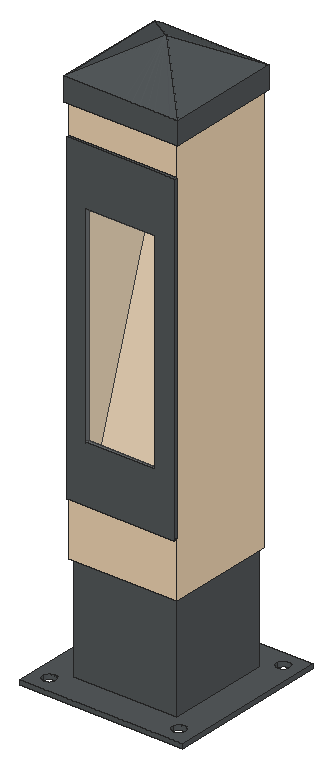
Revit family "Баум", category Осветительные приборы, Revit 2019 (continued)
Parameters (values of type "ДТУ961 Светодиодный светильник Баум ДТУ-96-AF-4Вт-0,6")
    .4 29.7 21.7 11.2 2.9 0.4 0.4 0.4 0.4 0.4 0.4 0.4 0.4 0.4 0.4 0.4\r\n 0.4 0.4 0.4 0.4 0.4 0.4 0.4 0.4 0.4 0.4 0.4 0.4 0.4 0.4 0.4 0.4 0.4 0.4 0.4 0.4 0.4 0.4 0.4 0.4 0.4 0.4 0.4 0.4 0.4 0.4 0.4 0.4\r\n 0.4 0.4 0.4 0.4 0.4 0.4 0.4 0.4 0.4 0.4 0.4 0.4 0.4 0.4 0.4 0.4 0.4 0.4 0.4 0.4 0.4 0.4 0.4 0.4 0.4 0.4 0.4 0.4 0.4 0.4 0.4 0.4\r\n 0.4 0.4 0.4 0.4 0.4 0.4 0.4 0.4 0.4 0.2 0.2 0.2 0.0 0.0 0.0 0.0 0.0 0.0 0.0\r\n0.0 0.0 0.4 0.4 0.4 0.2 0.2 0.4 0.4 0.6 0.6 0.4 0.4 0.4 0.4 0.4 0.4 0.6 1.5 13.4 48.1 130.1 186.1 238.2 274.7 302.8 337.9 366.5\r\n 397.9 425.2 464.1 503.4 554.2 570.4 570.6 566.2 563.2 559.4 554.6 551.1 545.0 543.0 538.4 533.1 531.3 522.1 524.7 517.9 512.0\r\n 505.2 497.5 492.2 486.9 482.1 472.0 463.8 455.1 446.1 436.8 429.3 420.3 408.9 399.3 388.5 381.4 370.1 355.1 332.0 298.6 262.4\r\n 230.1 208.6 187.0 168.3 155.1 133.6 120.6 106.6 92.1 78.7 68.8 54.5 42.6 32.3 22.4 9.7 1.8 0.4 0.4 0.4 0.4 0.4 0.4 0.4 0.4 0.4\r\n 0.4 0.4 0.4 0.4 0.4 0.4 0.4 0.4 0.4 0.4 0.4 0.4 0.4 0.4 0.4 0.4 0.4 0.4 0.4 0.4 0.4 0.4 0.4 0.4 0.4 0.4 0.4 0.4 0.4 0.4 0.4 0.4\r\n 0.4 0.4 0.4 0.4 0.4 0.4 0.4 0.4 0.4 0.4 0.4 0.4 0.4 0.4 0.4 0.4 0.4 0.4 0.4 0.4 0.4 0.4 0.4 0.4 0.4 0.4 0.4 0.4 0.4 0.4 0.4 0.4\r\n 0.4 0.4 0.4 0.4 0.4 0.4 0.4 0.4 0.4 0.4 0.4 0.2 0.2 0.2 0.0 0.0 0.0 0.0 0.0 0.0 0.0\r\n0.0 0.0 0.4 0.4 0.4 0.2 0.2 0.4 0.4 0.6 0.6 0.4 0.4 0.4 0.4 0.4 0.4 1.5 11.2 58.4 134.9 213.2 265.2 303.0 338.0 368.3 407.6 450.0\r\n 488.9 523.4 579.0 604.3 619.2 619.7 615.1 605.0 607.1 603.2 600.5 601.8 598.4 595.0 588.9 583.2 579.4 580.1 572.6 569.6 562.7\r\n 554.4 552.6 543.4 536.2 526.0 517.0 512.2 501.9 492.0 483.6 472.2 461.0 451.3 441.9 430.9 418.2 399.5 374.0 330.7 283.4 250.7\r\n 233.6 208.6 193.4 174.7 157.5 142.1 128.5 111.4 95.6 83.5 64.6 49.7 37.8 29.4 17.8 4.8 0.4 0.4 0.4 0.4 0.4 0.4 0.4 0.4 0.4 0.4\r\n 0.4 0.4 0.4 0.4 0.4 0.4 0.4 0.4 0.4 0.4 0.4 0.4 0.4 0.4 0.4 0.4 0.4 0.4 0.4 0.4 0.4 0.4 0.4 0.4 0.4 0.4 0.4 0.4 0.4 0.4 0.4 0.4\r\n 0.4 0.4 0.4 0.4 0.4 0.4 0.4 0.4 0.4 0.4 0.4 0.4 0.4 0.4 0.4 0.4 0.4 0.4 0.4 0.4 0.4 0.4 0.4 0.4 0.4 0.4 0.4 0.4 0.4 0.4 0.4 0.4\r\n 0.4 0.4 0.4 0.4 0.4 0.4 0.4 0.4 0.4 0.4 0.4 0.2 0.2 0.2 0.0 0.0 0.0 0.0 0.0 0.0 0.0\r\n0.0 0.0 0.4 0.4 0.4 0.2 0.2 0.4 0.4 0.6 0.6 0.4 0.4 0.4 0.4 0.4 0.9 9.5 50.5 143.1 226.8 280.2 316.9 352.5 385.9 428.5 480.6 531.8\r\n 591.7 644.9 678.5 676.4 679.6 678.6 675.3 682.1 681.8 673.7 670.6 669.1 662.5 660.7 655.0 649.7 642.3 637.5 626.3 620.1 614.0\r\n 608.9 604.9 594.2 584.5 576.8 568.7 558.5 547.3 539.5 531.1 518.1 507.4 495.0 480.6 467.6 446.0 412.4 367.6 319.3 289.0 265.4\r\n 243.3 224.6 208.8 187.6 170.9 159.5 140.2 124.6 109.8 91.8 69.2 56.0 41.3 30.3 16.1 2.0 0.6 0.4 0.4 0.4 0.4 0.4 0.4 0.4 0.4 0.4\r\n 0.4 0.4 0.4 0.4 0.4 0.4 0.4 0.4 0.4 0.4 0.4 0.4 0.4 0.4 0.4 0.4 0.4 0.4 0.4 0.4 0.4 0.4 0.4 0.4 0.4 0.4 0.4 0.4 0.4 0.4 0.4 0.4\r\n 0.4 0.4 0.4 0.4 0.4 0.4 0.4 0.4 0.4 0.4 0.4 0.4 0.4 0.4 0.4 0.4 0.4 0.4 0.4 0.4 0.4 0.4 0.4 0.4 0.4 0.4 0.4 0.4 0.4 0.4 0.4 0.4\r\n 0.4 0.4 0.4 0.4 0.4 0.4 0.4 0.4 0.4 0.4 0.4 0.2 0.2 0.2 0.0 0.0 0.0 0.0 0.0 0.0 0.0\r\n0.0 0.0 0.6 0.4 0.4 0.2 0.2 0.4 0.4 0.6 0.6 0.6 0.4 0.4 0.4 0.6 5.7 38.9 123.3 218.2 287.9 337.7 372.2 412.7 466.0 519.5 579.2\r\n 645.2 717.0 731.7 742.7 743.1 741.6 738.7 733.2 735.9 726.4 726.7 721.8 711.9 704.5 694.4 691.5 688.7 688.0 675.3 670.2 659.0\r\n 653.5 649.1 636.3 629.6 625.2 614.0 607.6 597.5 590.0 577.0 564.9 553.3 541.2 527.3 511.3 484.5 445.2 396.8 350.5 323.5 299.7\r\n 272.7 253.6 238.0 215.8 195.6 182.6 164.8 142.4 127.2 110.5 90.1 69.6 54.0 39.8 24.8 9.5 0.9 0.4 0.4 0.4 0.4 0.4 0.4 0.4 0.4 0.4\r\n 0.4 0.4 0.4 0.4 0.4 0.4 0.4 0.4 0.4 0.4 0.4 0.4 0.4 0.4 0.4 0.4 0.4 0.4 0.4 0.4 0.4 0.4 0.4 0.4 0.4 0.4 0.4 0.4 0.4 0.4 0.4 0.4\r\n 0.4 0.4 0.4 0.4 0.4 0.4 0.4 0.4 0.4 0.4 0.4 0.4 0.4 0.4 0.4 0.4 0.4 0.4 0.4 0.4 0.4 0.4 0.4 0.4 0.4 0.4 0.4 0.4 0.4 0.4 0.4 0.4\r\n 0.4 0.4 0.4 0.4 0.4 0.4 0.4 0.4 0.4 0.4 0.4 0.4 0.2 0.2 0.2 0.0 0.0 0.0 0.0 0.0 0.0 0.0\r\n0.0 0.0 0.6 0.4 0.4 0.2 0.2 0.4 0.4 0.6 0.6 0.6 0.4 0.4 0.4 1.5 26.4 96.5 196.9 278.2 337.1 388.3 438.8 492.4 560.1 612.2 703.4\r\n 782.3 810.6 813.7 810.0 806.6 798.5 792.4 794.8 779.8 780.3 766.7 761.0 764.3 759.0 755.2 747.5 740.7 725.8 726.2 721.4 718.1\r\n 712.4 694.1 686.0 673.9 664.5 657.9 647.6 640.8 628.4 614.2 607.6 597.0 584.7 563.0 534.8 486.9 443.0 401.4 368.9 341.9 313.6\r\n 293.3 272.1 246.6 221.9 203.7 190.9 169.4 156.0 138.2 116.9 94.3 78.9 64.6 47.2 24.4 6.6 0.4 0.4 0.4 0.4 0.4 0.4 0.4 0.4 0.4 0.4\r\n 0.4 0.4 0.4 0.4 0.4 0.4 0.4 0.4 0.4 0.4 0.4 0.4 0.4 0.4 0.4 0.4 0.4 0.4 0.4 0.4 0.4 0.4 0.4 0.4 0.4 0.4 0.4 0.4 0.4 0.4 0.4 0.4\r\n 0.4 0.4 0.4 0.4 0.4 0.4 0.4 0.4 0.4 0.4 0.4 0.4 0.6 0.4 0.4 0.4 0.4 0.4 0.4 0.4 0.4 0.4 0.4 0.4 0.4 0.4 0.4 0.4 0.4 0.4 0.4 0.4\r\n 0.4 0.4 0.4 0.4 0.4 0.4 0.4 0.4 0.4 0.4 0.4 0.4 0.2 0.2 0.2 0.0 0.0 0.0 0.2 0.0 0.0 0.0\r\n0.0 0.0 0.6 0.4 0.4 0.4 0.2 0.4 0.4 0.6 0.6 0.6 0.6 0.4 0.7 7.7 71.0 168.5 261.7 326.3 385.6 438.8 507.2 586.5 653.5 749.1 831.2\r\n 867.8 870.6 868.6 867.5 860.3 855.7 855.0 846.9 843.5 835.0 831.9 830.4 822.2 821.8 815.2 810.8 801.8 794.8 787.1 784.0 766.0\r\n 759.2 756.1 747.7 743.1 733.5 718.8 707.5 691.1 680.3 672.0 662.3 646.0 626.9 602.1 552.8 502.7 455.7 425.0 405.8 371.6 341.7\r\n 324.3 294.0 270.5 250.7 228.3 205.7 183.1 169.2 146.6 123.1 101.7 82.2 68.8 44.6 18.0 2.8 0.6 0.4 0.4 0.4 0.4 0.4 0.4 0.4 0.4 0.4\r\n 0.4 0.4 0.4 0.4 0.4 0.4 0.4 0.4 0.4 0.4 0.4 0.4 0.4 0.4 0.4 0.4 0.4 0.4 0.4 0.4 0.4 0.4 0.4 0.4 0.4 0.4 0.4 0.4 0.4 0.4 0.4 0.4\r\n 0.4 0.4 0.4 0.4 0.4 0.4 0.4 0.4 0.4 0.4 0.4 0.4 0.4 0.6 0.4 0.4 0.4 0.4 0.4 0.4 0.4 0.4 0.4 0.4 0.4 0.4 0.4 0.4 0.4 0.4 0.4 0.4\r\n 0.4 0.4 0.4 0.4 0.4 0.4 0.4 0.4 0.4 0.4 0.4 0.4 0.2 0.2 0.2 0.0 0.0 0.0 0.2 0.0 0.0 0.0\r\n0.0 0.0 0.6 0.4 0.4 0.4 0.4 0.4 0.4 0.6 0.6 0.6 0.6 0.6 2.9 31.4 129.8 234.2 310.5 368.7 428.1 497.1 583.6 661.9 756.5 878.5 923.7\r\n 927.7 931.0 931.2 924.6 923.3 924.4 919.6 920.9 918.0 913.4 909.3 900.2 898.0 892.3 886.9 880.2 878.9 872.1 869.1 854.6 844.7\r\n 841.2 833.0 826.2 814.3 800.9 796.5 783.6 779.2 771.5 757.9 743.6 722.0 690.0 644.0 599.5 544.0 511.6 479.2 444.3 422.3 402.6\r\n 378.0 346.7 322.6 301.9 274.2 252.9 230.3 205.9 177.3 144.1 117.4 93.6 71.6 43.1 13.6 2.6 0.4 0.4 0.4 0.4 0.4 0.4 0.4 0.4 0.4 0.4\r\n 0.4 0.4 0.4 0.4 0.4 0.4 0.4 0.4 0.4 0.4 0.4 0.4 0.4 0.4 0.4 0.4 0.4 0.4 0.4 0.4 0.4 0.4 0.4 0.4 0.4 0.4 0.4 0.4 0.4 0.4 0.4 0.4\r\n 0.4 0.4 0.4 0.4 0.4 0.4 0.4 0.4 0.4 0.4 0.4 0.4 0.4 0.4 0.4 0.4 0.4 0.4 0.4 0.4 0.4 0.4 0.4 0.4 0.4 0.4 0.4 0.4 0.4 0.4 0.4 0.4\r\n 0.4 0.4 0.4 0.4 0.4 0.4 0.4 0.4 0.4 0.4 0.4 0.4 0.2 0.2 0.2 0.0 0.0 0.0 0.2 0.0 0.0 0.0\r\n0.0 0.0 0.6 0.4 0.4 0.4 0.4 0.4 0.4 0.6 0.6 0.6 0.6 0.6 9.9 77.3 191.6 284.8 349.4 411.1 478.4 562.7 648.2 736.1 859.4 928.4 945.7\r\n 944.0 945.3 942.0 939.4 940.2 938.5 932.5 924.4 922.2 921.8 917.2 920.2 915.8 908.8 899.4 899.0 889.7 889.0 874.3 874.1 874.8\r\n 864.9 849.9 840.7 836.5 821.8 811.3 806.0 793.0 781.4 766.5 747.8 718.3 674.4 618.5 567.6 534.8 503.2 477.7 446.7 422.1 400.3\r\n 366.5 341.3 325.6 299.9 270.5 250.7 229.9 196.2 168.3 138.0 117.3 100.8 70.1 37.3 4.8 0.6 0.4 0.4 0.4 0.4 0.4 0.4 0.4 0.4 0.4 0.4\r\n 0.4 0.4 0.4 0.4 0.4 0.4 0.4 0.4 0.4 0.4 0.4 0.4 0.4 0.4 0.4 0.4 0.4 0.4 0.4 0.4 0.4 0.4 0.4 0.4 0.4 0.4 0.4 0.4 0.4 0.4 0.4 0.4\r\n 0.4 0.4 0.4 0.4 0.4 0.4 0.4 0.4 0.4 0.4 0.4 0.4 0.4 0.4 0.4 0.4 0.4 0.4 0.4 0.4 0.4 0.4 0.4 0.4 0.4 0.4 0.4 0.4 0.4 0.4 0.4 0.4\r\n 0.4 0.4 0.4 0.4 0.4 0.4 0.4 0.4 0.4 0.4 0.4 0.4 0.2 0.2 0.2 0.0 0.0 0.0 0.2 0.0 0.0 0.0\r\n0.0 0.0 0.6 0.4 0.6 0.4 0.4 0.4 0.4 0.6 0.6 0.6 0.6 0.9 27.2 128.6 246.5 325.4 386.1 453.3 535.1 622.3 701.4 825.3 937.4 953.7\r\n 953.7 957.2 957.0 949.0 950.6 949.0 945.3 944.8 942.7 941.5 939.8 940.3 932.1 922.7 922.2 919.1 908.8 902.9 895.4 903.3 891.9\r\n 875.0 873.0 867.8 856.1 843.8 839.0 828.4 819.2 809.7 793.5 771.5 744.5 699.9 648.0 599.5 561.9 535.5 501.0 470.2 450.4 429.8\r\n 398.0 372.0 349.8 330.9 304.3 272.7 255.4 228.3 193.4 164.1 139.8 118.4 94.3 62.2 30.1 6.6 0.6 0.4 0.4 0.4 0.4 0.4 0.4 0.4 0.4\r\n 0.4 0.4 0.4 0.4 0.4 0.4 0.4 0.4 0.4 0.4 0.4 0.4 0.4 0.4 0.4 0.4 0.4 0.4 0.4 0.4 0.4 0.4 0.4 0.4 0.4 0.4 0.4 0.4 0.4 0.4 0.4 0.4\r\n 0.4 0.4 0.4 0.4 0.4 0.4 0.4 0.4 0.4 0.4 0.4 0.4 0.4 0.4 0.4 0.4 0.4 0.4 0.4 0.4 0.4 0.4 0.4 0.4 0.4 0.4 0.4 0.4 0.4 0.4 0.4 0.4\r\n 0.4 0.4 0.4 0.4 0.4 0.4 0.4 0.4 0.4 0.4 0.4 0.4 0.4 0.4 0.2 0.2 0.2 0.0 0.0 0.0 0.2 0.0 0.0 0.0\r\n0.0 0.0 0.6 0.4 0.6 0.4 0.4 0.4 0.4 0.6 0.6 0.6 0.6 2.6 60.8 176.6 282.4 354.7 419.0 492.9 581.8 661.8 759.2 896.5 950.3 956.9\r\n 954.7 953.9 956.1 952.3 956.1 953.9 951.0 952.5 954.3 949.9 947.1 946.2 941.8 939.1 934.7 926.6 920.9 918.3 912.3 897.8 894.5\r\n 889.0 879.4 867.3 864.2 861.3 849.3 839.0 826.4 813.5 795.9 771.9 720.3 668.4 619.2 579.5 554.8 520.3 490.9 467.2 449.6 417.1\r\n 383.9 368.0 349.0 316.0 289.2 269.0 247.0 218.8 190.7 159.1 133.1 117.1 82.4 47.9 17.8 2.6 0.4 0.4 0.4 0.4 0.4 0.4 0.4 0.4 0.4\r\n 0.4 0.4 0.4 0.4 0.4 0.4 0.4 0.4 0.4 0.4 0.4 0.4 0.4 0.4 0.4 0.4 0.4 0.4 0.4 0.4 0.4 0.4 0.4 0.4 0.4 0.4 0.4 0.4 0.4 0.4 0.4 0.4\r\n 0.4 0.4 0.4 0.4 0.4 0.4 0.4 0.4 0.4 0.4 0.4 0.4 0.4 0.4 0.4 0.4 0.4 0.4 0.4 0.4 0.4 0.4 0.4 0.4 0.4 0.4 0.4 0.4 0.4 0.4 0.4 0.4\r\n 0.4 0.4 0.4 0.4 0.4 0.4 0.4 0.4 0.4 0.4 0.4 0.4 0.4 0.4 0.2 0.2 0.2 0.0 0.0 0.0 0.2 0.0 0.0 0.0\r\n0.0 0.0 0.6 0.4 0.6 0.4 0.4 0.4 0.4 0.6 0.6 0.6 0.6 8.8 104.6 223.7 308.9 376.2 448.7 528.9 612.9 704.3 829.1 935.2 951.4 953.9\r\n 958.5 961.5 963.3 964.4 962.2 961.1 960.2 961.3 953.7 957.4 953.4 950.1 944.9 938.5 934.5 934.8 935.2 927.9 919.6 916.3 904.7\r\n 893.7 893.2 891.2 878.5 866.6 855.0 841.8 831.3 818.5 799.2 762.0 717.5 664.7 616.6 583.0 548.0 521.4 497.9 477.9 455.7 423.2\r\n 394.2 375.3 356.0 319.5 295.6 278.2 252.1 218.6 188.7 156.2 135.1 114.9 88.1 48.6 15.6 1.3 0.4 0.4 0.4 0.4 0.4 0.4 0.4 0.4 0.4\r\n 0.4 0.4 0.4 0.4 0.4 0.4 0.4 0.4 0.4 0.4 0.4 0.4 0.4 0.4 0.4 0.4 0.4 0.4 0.4 0.4 0.4 0.4 0.4 0.4 0.4 0.4 0.4 0.4 0.4 0.4 0.4 0.4\r\n 0.4 0.4 0.4 0.4 0.4 0.4 0.4 0.4 0.4 0.4 0.4 0.4 0.4 0.4 0.4 0.4 0.4 0.4 0.4 0.4 0.4 0.4 0.4 0.4 0.4 0.4 0.4 0.4 0.4 0.4 0.4 0.4\r\n 0.4 0.4 0.4 0.4 0.4 0.4 0.4 0.4 0.4 0.4 0.4 0.4 0.4 0.4 0.2 0.2 0.2 0.0 0.0 0.0 0.2 0.0 0.0 0.0\r\n0.0 0.0 0.6 0.4 0.6 0.4 0.4 0.4 0.4 0.6 0.6 0.6 0.6 25.3 144.1 260.2 336.4 405.6 479.2 562.1 645.4 764.0 896.7 951.9 957.8 958.7\r\n 965.3 965.9 963.5 967.7 961.3 964.0 964.6 960.7 965.5 959.3 954.5 948.2 946.0 942.7 945.5 937.8 926.6 928.0 922.2 914.1 918.0\r\n 909.9 895.8 883.6 877.6 866.8 860.7 857.0 848.8 829.7 793.9 732.6 678.1 632.6 599.0 574.6 545.6 512.4 491.6 475.9 440.8 410.5\r\n 395.5 372.4 342.8 315.3 297.1 278.2 244.3 217.8 182.2 151.0 132.1 100.6 65.3 31.6 8.3 0.9 0.4 0.4 0.4 0.4 0.4 0.4 0.4 0.4 0.4 0.4\r\n 0.4 0.4 0.4 0.4 0.4 0.4 0.4 0.4 0.4 0.4 0.4 0.4 0.4 0.4 0.4 0.4 0.4 0.4 0.4 0.4 0.4 0.4 0.4 0.4 0.4 0.4 0.4 0.4 0.4 0.4 0.4 0.4\r\n 0.4 0.4 0.4 0.4 0.4 0.4 0.4 0.4 0.4 0.4 0.4 0.4 0.4 0.4 0.4 0.4 0.4 0.4 0.4 0.4 0.4 0.4 0.4 0.4 0.4 0.4 0.4 0.4 0.4 0.4 0.4 0.4\r\n 0.4 0.4 0.4 0.4 0.4 0.4 0.4 0.6 0.6 0.4 0.4 0.4 0.4 0.2 0.2 0.2 0.0 0.2 0.2 0.2 0.0 0.0 0.0\r\n0.0 0.0 0.6 0.4 0.6 0.4 0.4 0.4 0.6 0.6 0.6 0.6 0.9 50.8 180.0 287.6 367.2 441.9 517.0 600.1 692.8 829.0 944.4 965.7 971.7 975.4\r\n 972.8 973.9 971.4 970.1 973.2 973.0 972.3 968.1 958.2 961.8 966.4 966.8 961.8 959.1 953.6 958.7 947.7 935.9 929.3 927.0 917.0\r\n 902.7 900.5 894.5 887.1 883.8 871.0 854.5 840.5 806.9 767.5 721.4 670.9 629.6 598.4 565.0 537.3 515.1 499.0 474.6 438.6 408.1\r\n 389.6 371.1 334.7 309.8 294.0 265.0 238.8 205.4 174.7 148.8 133.2 109.8 73.4 31.9 4.2 0.4 0.4 0.4 0.4 0.4 0.4 0.4 0.4 0.4 0.4 0.4\r\n 0.4 0.4 0.4 0.4 0.4 0.4 0.4 0.4 0.4 0.4 0.4 0.4 0.4 0.4 0.4 0.4 0.4 0.4 0.4 0.4 0.4 0.4 0.4 0.4 0.4 0.4 0.4 0.4 0.4 0.4 0.4 0.4\r\n 0.4 0.4 0.4 0.4 0.4 0.4 0.4 0.4 0.4 0.4 0.4 0.4 0.4 0.4 0.4 0.4 0.4 0.4 0.4 0.4 0.4 0.4 0.4 0.4 0.4 0.4 0.4 0.4 0.4 0.4 0.4 0.4\r\n 0.4 0.4 0.4 0.4 0.4 0.4 0.4 0.6 0.6 0.4 0.4 0.4 0.4 0.2 0.2 0.2 0.0 0.2 0.2 0.2 0.0 0.0 0.0\r\n0.0 0.0 0.6 0.4 0.6 0.4 0.4 0.4 0.6 0.6 0.6 0.6 1.6 79.3 212.7 311.8 393.3 466.5 547.4 642.9 749.7 896.1 974.8 982.2 982.4 983.7\r\n 981.1 976.7 976.3 978.1 974.7 971.0 965.3 969.3 975.9 971.7 971.9 970.1 958.7 958.2 951.0 941.1 935.4 933.2 929.5 928.4 917.6\r\n 913.9 910.3 901.4 891.5 878.1 875.0 864.0 844.5 811.2 757.2 703.4 652.0 620.7 598.1 565.2 535.1 510.7 486.3 453.7 423.0 409.4\r\n 393.1 365.9 331.3 315.1 301.5 266.3 232.3 197.5 165.2 146.6 122.0 90.3 55.4 20.5 1.6 0.4 0.4 0.4 0.4 0.4 0.4 0.4 0.4 0.4 0.4 0.4\r\n 0.4 0.4 0.4 0.4 0.4 0.4 0.4 0.4 0.4 0.4 0.4 0.4 0.4 0.4 0.4 0.4 0.4 0.4 0.4 0.4 0.4 0.4 0.4 0.4 0.4 0.4 0.4 0.4 0.4 0.4 0.4 0.4\r\n 0.4 0.4 0.4 0.4 0.4 0.4 0.4 0.4 0.4 0.4 0.4 0.4 0.4 0.4 0.4 0.4 0.4 0.4 0.4 0.4 0.4 0.4 0.6 0.4 0.4 0.4 0.4 0.4 0.4 0.4 0.4 0.4\r\n 0.4 0.4 0.4 0.4 0.6 0.6 0.4 0.6 0.6 0.4 0.4 0.4 0.4 0.2 0.2 0.2 0.2 0.2 0.2 0.2 0.0 0.0 0.0\r\n0.0 0.0 0.6 0.4 0.6 0.4 0.4 0.4 0.6 0.6 0.6 0.6 3.7 111.8 239.3 330.0 406.9 474.8 565.6 662.7 793.0 947.5 986.6 986.0 985.7 982.2\r\n 977.2 979.6 978.7 978.1 975.2 972.1 977.8 974.1 971.5 964.8 954.3 955.6 951.9 951.0 949.5 943.3 944.4 937.4 928.6 925.1 921.1\r\n 915.2 907.9 901.8 899.4 891.2 880.7 861.6 827.8 792.4 743.2 687.3 645.4 613.3 590.9 553.9 526.9 516.8 490.2 454.0 428.9 412.7\r\n 391.1 361.0 336.9 318.0 298.6 261.5 229.9 193.4 165.7 149.2 121.7 92.3 57.4 21.7 2.8 0.4 0.4 0.4 0.4 0.4 0.4 0.4 0.4 0.4 0.4 0.4\r\n 0.4 0.4 0.4 0.4 0.4 0.4 0.4 0.4 0.4 0.4 0.4 0.4 0.4 0.4 0.4 0.4 0.4 0.4 0.4 0.4 0.4 0.4 0.4 0.4 0.4 0.4 0.4 0.4 0.4 0.4 0.4 0.4\r\n 0.4 0.4 0.4 0.4 0.4 0.4 0.4 0.4 0.4 0.4 0.4 0.4 0.4 0.4 0.4 0.4 0.4 0.4 0.4 0.4 0.4 0.4 0.6 0.4 0.4 0.4 0.4 0.4 0.6 0.6 0.4 0.6\r\n 0.6 0.6 0.6 0.6 0.6 0.4 0.4 0.6 0.6 0.4 0.4 0.4 0.4 0.4 0.2 0.2 0.2 0.2 0.2 0.2 0.0 0.0 0.0\r\n0.0 0.0 0.6 0.4 0.6 0.4 0.4 0.4 0.6 0.6 0.6 0.6 8.4 144.8 262.1 341.2 410.2 481.0 583.8 679.4 840.7 966.6 983.3 979.8 978.7 977.4\r\n 981.4 981.4 981.3 978.3 983.3 982.9 983.1 982.5 975.6 977.6 974.7 963.1 959.1 958.7 949.0 945.1 940.3 938.3 936.7 930.8 925.7\r\n 918.0 909.3 904.9 898.5 892.3 879.4 864.5 826.9 773.9 717.9 670.9 640.3 622.3 584.3 555.9 534.6 508.5 483.9 447.0 432.2 420.1\r\n 385.8 352.9 330.3 316.8 285.7 252.7 224.4 190.1 168.1 153.4 122.8 79.3 36.5 9.7 1.6 0.4 0.4 0.4 0.4 0.4 0.4 0.4 0.4 0.4 0.4 0.4\r\n 0.4 0.4 0.4 0.4 0.4 0.4 0.4 0.4 0.4 0.4 0.4 0.4 0.4 0.4 0.4 0.4 0.4 0.4 0.4 0.4 0.4 0.4 0.4 0.4 0.4 0.4 0.4 0.4 0.4 0.4 0.4 0.4\r\n 0.4 0.4 0.4 0.4 0.4 0.4 0.4 0.4 0.4 0.4 0.4 0.4 0.4 0.4 0.4 0.4 0.4 0.4 0.4 0.4 0.4 0.6 0.6 0.6 0.4 0.6 0.4 0.6 0.6 0.6 0.6 0.6\r\n 0.6 0.6 0.6 0.6 0.6 0.6 0.4 0.6 0.6 0.6 0.6 0.4 0.4 0.4 0.2 0.2 0.2 0.2 0.2 0.2 0.0 0.0 0.0\r\n0.0 0.0 0.6 0.4 0.6 0.4 0.4 0.4 0.6 0.7 0.6 0.7 19.5 167.4 280.4 354.7 422.8 502.7 609.5 710.2 887.3 967.1 971.0 971.5 975.4 976.5\r\n 984.2 984.6 987.0 984.9 982.5 981.6 977.0 976.1 973.5 971.0 971.5 969.0 965.9 962.7 963.7 958.7 949.3 940.2 939.1 932.1 926.0\r\n 922.7 918.9 914.5 903.8 891.7 875.8 854.5 813.5 768.0 718.3 666.0 633.0 606.9 574.4 546.2 533.3 515.9 484.1 451.5 430.0 411.3\r\n 384.5 358.6 333.8 315.1 285.0 254.4 227.6 189.2 167.2 145.7 114.0 81.7 42.6 10.5 0.9 0.4 0.4 0.4 0.4 0.4 0.4 0.4 0.4 0.4 0.4 0.4\r\n 0.4 0.4 0.4 0.4 0.4 0.4 0.4 0.4 0.4 0.4 0.4 0.4 0.4 0.4 0.4 0.4 0.4 0.4 0.4 0.4 0.4 0.4 0.4 0.4 0.4 0.4 0.4 0.4 0.4 0.4 0.4 0.4\r\n 0.4 0.4 0.4 0.4 0.4 0.4 0.4 0.4 0.4 0.4 0.4 0.4 0.4 0.4 0.4 0.4 0.4 0.6 0.6 0.6 0.4 0.6 0.6 0.6 0.6 0.6 0.6 0.6 0.6 0.6 0.6 0.6\r\n 0.6 0.6 0.6 0.6 0.6 0.6 0.6 0.6 0.6 0.6 0.6 0.4 0.4 0.4 0.2 0.2 0.2 0.2 0.2 0.2 0.0 0.0 0.0\r\n0.0 0.0 0.6 0.4 0.6 0.4 0.4 0.4 0.6 0.7 0.6 0.7 35.8 179.7 292.2 373.1 450.9 541.8 642.3 741.4 911.9 964.8 962.4 965.1 970.4 974.8\r\n 978.9 981.4 984.8 988.2 987.7 989.5 987.7 992.3 992.1 984.6 980.0 976.7 975.2 965.5 967.0 962.4 957.6 957.0 954.1 944.4 942.7\r\n 935.6 914.7 908.6 906.2 895.6 882.3 855.9 808.6 750.0 696.6 665.8 635.7 606.0 570.4 547.1 533.1 499.4 471.3 446.7 432.9 409.8\r\n 373.5 345.6 328.9 309.8 276.4 246.1 212.3 186.8 167.0 144.3 110.5 70.3 32.1 7.2 1.1 0.4 0.4 0.4 0.4 0.4 0.4 0.4 0.4 0.4 0.4 0.4\r\n 0.4 0.4 0.4 0.4 0.4 0.4 0.4 0.4 0.4 0.4 0.4 0.4 0.4 0.4 0.4 0.4 0.4 0.4 0.4 0.4 0.4 0.4 0.4 0.4 0.4 0.4 0.4 0.4 0.4 0.4 0.4 0.4\r\n 0.4 0.4 0.4 0.4 0.4 0.6 0.4 0.4 0.6 0.4 0.4 0.4 0.6 0.4 0.6 0.4 0.6 0.6 0.6 0.6 0.6 0.6 0.6 0.6 0.6 0.6 0.6 0.6 0.6 0.6 0.6 0.6\r\n 0.6 0.6 0.6 0.6 0.6 0.6 0.6 0.6 0.6 0.6 0.6 0.
    6 0.6 0.4 0.2 0.2 0.2 0.2 0.2 0.2 0.0 0.0 0.0\r\n0.0 0.0 0.6 0.4 0.6 0.4 0.4 0.4 0.6 0.7 0.6 0.7 49.7 190.3 298.8 386.1 468.9 567.6 668.5 781.4 936.5 971.0 972.8 975.8 981.1 980.9\r\n 982.2 988.2 980.0 991.5 990.1 987.9 992.3 984.2 983.7 985.1 982.7 974.7 974.1 972.8 966.0 961.8 963.7 958.7 957.0 945.8 942.0\r\n 941.1 933.9 930.3 921.8 911.7 900.9 859.6 813.9 761.2 708.6 666.5 642.3 610.7 575.2 550.6 534.8 508.0 474.8 448.9 432.4 410.7\r\n 379.5 356.0 340.6 318.6 279.5 250.7 214.3 179.7 160.4 137.5 109.9 69.9 31.6 5.3 0.6 0.6 0.4 0.4 0.4 0.6 0.4 0.4 0.6 0.6 0.4 0.4\r\n 0.4 0.4 0.4 0.4 0.4 0.4 0.4 0.4 0.4 0.4 0.6 0.4 0.4 0.4 0.4 0.4 0.6 0.4 0.4 0.4 0.4 0.6 0.6 0.6 0.6 0.4 0.4 0.6 0.4 0.6 0.6 0.6\r\n 0.6 0.6 0.6 0.6 0.6 0.6 0.6 0.6 0.6 0.6 0.6 0.6 0.6 0.6 0.6 0.6 0.6 0.6 0.6 0.6 0.6 0.6 0.6 0.6 0.6 0.6 0.6 0.6 0.6 0.6 0.6 0.6\r\n 0.6 0.6 0.6 0.6 0.6 0.6 0.6 0.6 0.6 0.6 0.6 0.6 0.6 0.4 0.2 0.2 0.2 0.2 0.2 0.2 0.0 0.0 0.0\r\n0.0 0.0 0.6 0.4 0.6 0.4 0.4 0.4 0.6 0.7 0.6 1.1 57.6 200.9 305.0 389.2 466.7 567.3 665.4 799.4 942.0 982.4 985.8 990.1 985.5 991.7\r\n 990.1 990.1 990.3 989.9 986.0 988.8 987.1 987.5 985.5 984.0 989.3 993.0 988.0 987.7 988.4 986.6 977.2 964.4 955.6 950.6 949.0\r\n 942.9 932.8 928.8 925.5 915.8 889.0 851.3 792.2 736.6 690.9 657.5 637.3 600.3 561.8 547.8 532.6 504.1 475.5 454.0 437.5 409.4\r\n 373.6 349.8 334.0 306.8 270.0 241.9 205.9 180.8 163.0 139.8 102.8 65.3 30.1 4.6 0.6 0.6 0.6 0.6 0.6 0.6 0.6 0.6 0.6 0.6 0.6 0.6\r\n 0.6 0.6 0.6 0.6 0.6 0.6 0.6 0.6 0.6 0.6 0.6 0.6 0.6 0.6 0.6 0.6 0.6 0.6 0.6 0.6 0.6 0.6 0.6 0.6 0.6 0.6 0.6 0.6 0.6 0.6 0.6 0.6\r\n 0.6 0.6 0.6 0.6 0.6 0.6 0.6 0.6 0.6 0.6 0.6 0.6 0.6 0.6 0.6 0.6 0.6 0.6 0.6 0.6 0.6 0.6 0.6 0.6 0.6 0.6 0.6 0.6 0.6 0.6 0.6 0.6\r\n 0.6 0.6 0.6 0.6 0.6 0.6 0.6 0.6 0.6 0.6 0.6 0.6 0.6 0.4 0.2 0.2 0.2 0.2 0.2 0.2 0.0 0.0 0.0\r\n0.0 0.0 0.6 0.4 0.6 0.4 0.4 0.4 0.6 0.7 0.6 1.3 64.8 209.8 310.9 387.8 460.1 557.7 651.3 800.1 944.0 985.7 992.5 997.0 993.4 998.5\r\n 994.1 992.8 993.7 989.9 995.9 992.8 991.2 995.2 995.8 991.5 985.8 985.1 986.0 986.0 982.7 976.9 967.9 968.4 970.4 967.5 957.0\r\n 955.9 949.9 936.5 921.4 910.1 887.1 839.6 789.5 740.1 688.5 653.9 629.6 603.2 576.1 557.3 534.8 493.5 461.2 447.6 430.0 405.8\r\n 374.4 352.7 340.4 316.8 278.6 249.0 210.9 183.1 161.3 131.9 99.7 66.4 21.8 3.5 0.6 0.6 0.6 0.6 0.6 0.6 0.6 0.6 0.6 0.6 0.6 0.6\r\n 0.6 0.6 0.6 0.6 0.6 0.6 0.6 0.6 0.6 0.6 0.6 0.6 0.6 0.6 0.6 0.6 0.6 0.6 0.6 0.6 0.6 0.6 0.6 0.6 0.6 0.6 0.6 0.6 0.6 0.6 0.6 0.6\r\n 0.6 0.6 0.6 0.6 0.6 0.6 0.6 0.6 0.6 0.6 0.6 0.6 0.6 0.6 0.6 0.6 0.6 0.6 0.6 0.6 0.6 0.6 0.6 0.6 0.6 0.6 0.6 0.6 0.6 0.6 0.6 0.6\r\n 0.6 0.6 0.6 0.6 0.6 0.6 0.7 0.6 0.6 0.6 0.6 0.6 0.6 0.4 0.2 0.2 0.2 0.2 0.2 0.2 0.0 0.0 0.0\r\n0.0 0.0 0.6 0.4 0.6 0.4 0.4 0.4 0.6 0.7 0.6 1.3 73.4 214.0 312.7 388.7 463.9 564.1 655.5 805.6 944.2 979.8 989.2 992.6 993.7 991.3\r\n 991.9 996.3 995.8 994.1 988.0 987.9 986.8 986.2 988.8 995.2 987.1 986.4 987.3 980.0 974.7 972.8 973.4 969.7 963.3 965.3 961.1\r\n 951.4 940.7 930.6 920.9 906.9 878.0 833.2 783.4 725.8 684.3 657.2 627.4 593.1 568.2 550.0 528.9 496.6 463.0 447.6 429.6 400.6\r\n 372.5 355.8 337.9 309.2 270.7 239.9 200.6 172.7 158.9 136.7 100.0 52.8 22.9 5.0 0.7 0.6 0.6 0.6 0.6 0.6 0.6 0.6 0.6 0.6 0.6 0.6\r\n 0.6 0.6 0.6 0.6 0.6 0.6 0.6 0.6 0.6 0.6 0.6 0.6 0.6 0.6 0.6 0.6 0.6 0.6 0.6 0.6 0.6 0.6 0.6 0.6 0.6 0.6 0.6 0.6 0.6 0.6 0.6 0.6\r\n 0.6 0.6 0.6 0.7 0.6 0.6 0.6 0.6 0.6 0.6 0.6 0.6 0.6 0.6 0.7 0.7 0.6 0.7 0.7 0.7 0.6 0.7 0.7 0.7 0.7 0.6 0.6 0.6 0.7 0.7 0.7 0.6\r\n 0.6 0.7 0.6 0.6 0.6 0.6 0.7 0.6 0.6 0.6 0.6 0.6 0.6 0.4 0.2 0.2 0.2 0.2 0.2 0.2 0.0 0.0 0.0\r\n0.0 0.0 0.6 0.4 0.6 0.4 0.4 0.4 0.6 0.7 0.6 1.1 77.4 214.9 313.3 393.1 474.8 586.5 677.7 827.7 954.3 978.1 983.5 986.0 987.5 989.0\r\n 991.5 992.3 993.4 990.1 989.3 993.0 987.0 987.5 987.3 980.7 984.0 984.0 983.7 980.3 981.1 980.9 974.7 966.0 961.3 951.7 940.3\r\n 937.0 932.1 932.3 925.1 911.5 879.2 838.3 782.3 731.3 688.4 657.9 632.2 603.0 567.4 549.3 530.7 497.9 469.1 454.6 434.2 402.5\r\n 366.9 346.5 325.6 308.3 268.5 244.4 206.4 182.8 163.9 131.8 100.8 62.0 28.3 4.0 0.7 0.6 0.6 0.6 0.6 0.6 0.6 0.6 0.6 0.6 0.6 0.6\r\n 0.6 0.6 0.6 0.6 0.6 0.6 0.6 0.6 0.6 0.6 0.6 0.6 0.6 0.6 0.6 0.6 0.6 0.6 0.6 0.6 0.7 0.6 0.6 0.6 0.6 0.6 0.6 0.6 0.6 0.6 0.6 0.6\r\n 0.6 0.6 0.6 0.6 0.6 0.6 0.7 0.6 0.6 0.6 0.6 0.6 0.6 0.6 0.6 0.6 0.6 0.7 0.6 0.7 0.6 0.6 0.7 0.7 0.6 0.6 0.6 0.6 0.7 0.7 0.7 0.6\r\n 0.7 0.6 0.7 0.6 0.6 0.6 0.6 0.6 0.6 0.6 0.6 0.6 0.6 0.4 0.2 0.2 0.2 0.2 0.2 0.2 0.0 0.0 0.0\r\n"
  built-in parameter 1150133 = 10 (stored number, unit not read)
  Wattage = 2.69284 W
  Материал рассеивателя = size_lookup(Таблица выбора, "M2", " ", ADSK_Артикул, ADSK_Размер_Высота)  # "-"
  built-in parameter 1150139 = (empty or 0)
  Корпус светильника = Антрацит
  Рассеиватель = Материал рассеивателя
  Короб_Диаметр [instance] = 20 mm
  Климатическая зона = size_lookup(Таблица выбора, "TT", " ", ADSK_Артикул, ADSK_Размер_Высота)  # "УХЛ1"
  Класс пожароопасности = size_lookup(Таблица выбора, "F", " ", ADSK_Артикул, ADSK_Размер_Высота)  # "F (светильники предназначены для установки непосредственно на поверхность из нормально воспламеняемых материалов)"
  Класс защиты = size_lookup(Таблица выбора, "K", " ", ADSK_Артикул, ADSK_Размер_Высота)  # "1"
  built-in parameter 1150138 = (empty or 0)
  built-in parameter 1150107 = 3200 (stored number, unit not read)
  built-in parameter 1150102 = (empty or 0)
  Блок аварийного питания = no
  r_закругления = 1 mm
  h_шапка = 29 mm
  h_фланец = 4 mm
  h_столб низ = 102 mm
  h_столб верх = 400 mm
  h_столб = 3000 mm
  h_светильник = 146 mm
  h_рассеиватель = 5 mm
  h_пластина = 5 mm
  r_столб = 30 mm
  r_пластина = 50 mm
  r светильник = 445 mm
  r_рассеиватель = r светильник - 5 mm  # 440 mm
  h_опуск шапки = 21 mm
  h_окно = 300 mm
  h1_окно = 28 mm
  d_фланец отверстия = 12 mm
  X_отступ стекла = (h_окно - 194 mm) / 2  # 53 mm
  X1_отступ стекла = (100 mm - 64 mm) / 2  # 18 mm
  S_шапка = 2.5 mm
  S_фланец отверстия = L_фланец отверстия  # 120 mm
  S_фланец = L_фланец  # 150 mm
  S_столб низ = 95 mm
  S_столб верх = 100 mm
  L_фланец отверстия = 120 mm
  L_фланец = 150 mm
  L_столб низ = 95 mm
  L_столб верх = 100 mm
  IP Class = size_lookup(Таблица выбора, "I", " ", ADSK_Артикул, ADSK_Размер_Высота)  # "IP 67"
  ADSK_Энергоэффективность = size_lookup(Таблица выбора, "E", 0 lm/W, ADSK_Артикул, ADSK_Размер_Высота)  # 100 lm/W
  ADSK_Фактическая мощность = size_lookup(Таблица выбора, "EF", 0 W, ADSK_Артикул, ADSK_Размер_Высота)  # 4 W
  ADSK_Ток = 0 A
  ADSK_Размер_Высота = 600 mm
  ADSK_Примечание = ""
  ADSK_Полная мощность = 0 VA
  ADSK_Позиция = ""
  ADSK_Номинальная мощность = size_lookup(Таблица выбора, "ER", 0 W, ADSK_Артикул, ADSK_Размер_Высота)  # 4 W
  ADSK_Напряжение = 220 V  # constant formula
  ADSK_Наименование = size_lookup(Таблица выбора, "N", " ", ADSK_Артикул, ADSK_Размер_Высота)  # "ДТУ961 Светодиодный светильник Баум ДТУ-96-AF-4Вт-0.6"
  ADSK_Модель = size_lookup(Таблица выбора, "M", " ", ADSK_Артикул, ADSK_Размер_Высота)  # "Баум ДТУ-96-AF"
  ADSK_Масса_Текст = size_lookup(Таблица выбора, "M1", " ", ADSK_Артикул, ADSK_Размер_Высота)  # "7"
  ADSK_Масса = size_lookup(Таблица выбора, "MAS", 0, ADSK_Артикул, ADSK_Размер_Высота)  # 7
  ADSK_Коэффициент мощности = 0
  ADSK_Количество фаз числовое = 0
  ADSK_Количество фаз = 2  # constant formula
  ADSK_Код изделия = ""
  ADSK_Классификация нагрузок [instance] = Освещение
  ADSK_Завод-изготовитель = "ALFRESCO"  # constant formula
  ADSK_Единица измерения = "шт."  # constant formula
  ADSK_Артикул = "ДТУ961"
  ADSK_URL страницы изделия = "https://www.allfresco.ru/catalog/dekorativnoe_ulichnoe_osveshchenie/skaylayn/"
Reference planes
  plane 1 "По центру (Вперед/Назад)": y = 0
  plane 2: z = 0
  plane 3 "По центру (Влево/Вправо)": x = 0
  plane 4: y = 75
  plane 5: y = -75
  plane 6: x = -75
  plane 7: x = 75
  plane 8: x = -60
  plane 9: x = 60
  plane 10: y = 60
  plane 11: y = -60
  plane 12: z = 4
  plane 13: x = -47.5
  plane 14: x = 47.5
  plane 15: y = 47.5
  plane 16: y = -47.5
  plane 17: z = 102
  plane 18: x = -50
  plane 19: x = 50
  plane 20: y = 50
  plane 21: y = -50
  plane 22: z = 502
  plane 23: x = -50
  plane 24: x = 50
  plane 25: y = 52.5
  plane 26: y = -50
  plane 27: x = -87.5
  plane 28: x = 52.5
  plane 29: y = 50
  plane 30: y = -52.5
  plane 31: z = 481
  plane 32: z = 531
  plane 33: z = 453
  plane 34: z = 153
  plane 35: x = -32
  plane 36: x = 32
  plane 37: z = 400
  plane 38: z = 206
  plane 39: y = -53
  plane 40: x = -52.5
Forms (mm)
  Extrusion 1, solid, material "Антрацит" <- "Корпус светильника", detail levels medium+fine
    sketch origin (0, 0, 0) x (1, 0, 0) y (0, 1, 0)
      loop
        line (-75, 75) -> (-75, -75) -> (75, -75) -> (75, 75) -> (-75, 75)
      loop
        circle (-60, 60) r 6
      loop
        circle (60, 60) r 6
      loop
        circle (-60, -60) r 6
      loop
        circle (60, -60) r 6
    from 0 to 4
  Extrusion 2, solid, material "Антрацит" <- "Корпус светильника", detail levels medium+fine
    sketch origin (0, 0, 0) x (1, 0, 0) y (0, 1, 0)
      loop
        line (-47.5, 47.5) -> (-47.5, -47.5) -> (47.5, -47.5) -> (47.5, 47.5) -> (-47.5, 47.5)
    from 4 to 102
  Extrusion 3, solid, material "Ясень" <- "Столб", detail levels medium+fine
    sketch origin (0, 0, 0) x (1, 0, 0) y (0, 1, 0)
      loop
        line (-50, 50) -> (-50, -50) -> (50, -50) -> (50, 50) -> (-50, 50)
    from 102 to 502
  Extrusion 4, solid, material "Антрацит" <- "Корпус светильника", detail levels medium+fine
    sketch origin (0, 0, 0) x (1, 0, 0) y (0, 1, 0)
      loop
        line (-52.5, 52.5) -> (-52.5, -52.5) -> (52.5, -52.5) -> (52.5, 52.5) -> (-52.5, 52.5)
      loop
        line (-50, 50) -> (-50, -50) -> (50, -50) -> (50, 50) -> (-50, 50)
    from 481 to 502
  Blend 5, solid, material "Антрацит" <- "Корпус светильника", detail levels medium+fine
    base sketch origin (0, 0, 0) x (1, 0, 0) y (0, 1, 0)
      loop
        line (-52.5, 52.5) -> (-52.5, -52.5) -> (52.5, -52.5) -> (52.5, 52.5) -> (-52.5, 52.5)
    top sketch origin (0, 0, 0) x (1, 0, 0) y (0, 1, 0)
      loop
        circle (0, 0) r 0.3
    from 502 to 531
  Extrusion 6, solid, material "Антрацит" <- "Корпус светильника", detail levels medium+fine
    sketch origin (0, 0, 0) x (1, 0, 0) y (0, 0, 1)
      loop
        arc (-49, 453) -> (-49.707, 452.707) -> (-50, 452) r 1
        line (-50, 452) -> (-50, 154)
        arc (-50, 154) -> (-49.707, 153.293) -> (-49, 153) r 1
        line (-49, 153) -> (49, 153)
        arc (49, 153) -> (49.707, 153.293) -> (50, 154) r 1
        line (50, 154) -> (50, 452)
        arc (50, 452) -> (49.707, 452.707) -> (49, 453) r 1
        line (49, 453) -> (-49, 453)
      loop
        arc (-31, 400) -> (-31.707, 399.707) -> (-32, 399) r 1
        line (-32, 399) -> (-32, 207)
        arc (-32, 207) -> (-31.707, 206.293) -> (-31, 206) r 1
        line (-31, 206) -> (31, 206)
        arc (31, 206) -> (31.707, 206.293) -> (32, 207) r 1
        line (32, 207) -> (32, 399)
        arc (32, 399) -> (31.707, 399.707) -> (31, 400) r 1
        line (31, 400) -> (-31, 400)
    from 50 to 53
  Extrusion 7, solid, material "Стекло" <- "Стекло", detail levels medium+fine
    sketch origin (310, 0, 0) x (1, 0, 0) y (0, 0, 1)
      loop
        arc (-341, 400) -> (-341.707, 399.707) -> (-342, 399) r 1
        line (-342, 399) -> (-342, 207)
        arc (-342, 207) -> (-341.707, 206.293) -> (-341, 206) r 1
        line (-341, 206) -> (-279, 206)
        arc (-279, 206) -> (-278.293, 206.293) -> (-278, 207) r 1
        line (-278, 207) -> (-278, 399)
        arc (-278, 399) -> (-278.293, 399.707) -> (-279, 400) r 1
        line (-279, 400) -> (-341, 400)
    from 50 to 53
